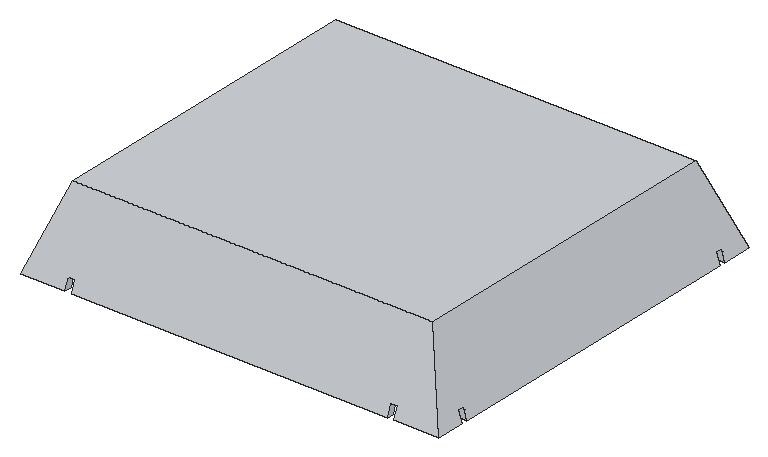
Revit family "E_FF130 Luminaire Cover", category Specialty Equipment, Revit 2015
Parameters (values of type "600x600mm")
  Youtube Clip = "https://www.youtube.com/watch?v=58-V7SKWntQ"
  Width_Top = 670 mm
  Width_Bottom = 779 mm
  URL = "https://www.tenmat.com/passive-fire-protection/"
  Tenmat Item Number = "I130BM01550670073002"
  Material/Grade = "Firefly 130"
  Manufacturer = "Tenmat ltd"
  Length_Top = 610 mm
  Length_Bottom = 719 mm
  Height = 150 mm
  Description = "FF130 600x600mm Luminaire Cover"
  Cutouts_Width = 600 mm
  Cutouts_Length = 600 mm
Types (2, lengths in mm): name | Width_Top | Width_Bottom | Tenmat Item Number | Length_Top | Length_Bottom | Description | Cutouts_Width
  600x600mm | 670 | 779 | "I130BM01550670073002" | 610 | 719 | "FF130 600x600mm Luminaire Cover" | 600
  1200x600mm | 1260 | 1386 | "I130BM01400750138002" | 650 | 746 | "FF130 1200x600mm Luminaire Cover" | 1200
Reference planes
  plane 1 "Center (Front/Back)": y = 0
  plane 2: z = 0
  plane 3 "Center (Left/Right)": x = 0
  plane 4 "Height": z = 150
  plane 5 "Cutout top": z = 138
  plane 6: x = -389.5
  plane 7: x = 389.5
  plane 8: y = 359.5
  plane 9: y = -359.5
  plane 10: x = -335
  plane 11: x = 335
  plane 12: y = 305
  plane 13: y = -305
  plane 14: x = -300
  plane 15: x = 300
  plane 16: y = 300
  plane 17: y = -300
  plane 18: x = -294
  plane 19: x = 294
  plane 20: x = -294
  plane 21: x = 294
  plane 22: y = 306
  plane 23: y = -306
  plane 24: y = 201.311
  plane 25: y = -306
  plane 26: y = 400
  plane 27: y = -400
  plane 28: x = 450
  plane 29: x = -450
  plane 30: x = -335
  plane 31: x = 335
  plane 32: y = 305
  plane 33: y = -305
  plane 34: x = -389.5
  plane 35: x = 389.5
  plane 36: y = 359.5
  plane 37: y = -359.5
  plane 38: y = 347.5
  plane 39: x = -377.909
  plane 40: x = 377.909
  plane 41: y = -347.5
  plane 42: x = 323
  plane 43: x = -323
  plane 44: y = 293
  plane 45: y = -293
Forms (mm)
  Blend 1, solid
    base sketch origin (0, 0, 0) x (1, 0, 0) y (0, 1, 0)
      loop
        line (-389.5, 359.5) -> (-389.5, -359.5) -> (389.5, -359.5) -> (389.5, 359.5) -> (-389.5, 359.5)
    top sketch origin (0, 0, 150) x (0, 1, 0) y (-1, 0, 0)
      loop
        line (305, 335) -> (-305, 335) -> (-305, -335) -> (305, -335) -> (305, 335)
    from 0 to 0
  Extrusion 2, void
    sketch origin (0, 0, 0) x (1, 0, 0) y (0, 1, 0)
      loop
        line (-306, 400) -> (-306, 300) -> (-294, 300) -> (-294, 400) -> (-306, 400)
    from -10 to 20
  Extrusion 3, void
    sketch origin (0, 0, 0) x (-1, 0, 0) y (0, -1, 0)
      loop
        line (-306, -440) -> (-294, -440) -> (-294, -300) -> (-306, -300) -> (-306, -440)
    from -10 to 20
  Extrusion 4, void
    sketch origin (0, 0, 0) x (1, 0, 0) y (0, 1, 0)
      loop
        line (-306, -400) -> (-294, -400) -> (-294, -300) -> (-306, -300) -> (-306, -400)
    from -10 to 20
  Extrusion 5, void
    sketch origin (0, 0, 0) x (-1, 0, 0) y (0, -1, 0)
      loop
        line (-306, 400) -> (-306, 300) -> (-294, 300) -> (-294, 400) -> (-306, 400)
    from -10 to 20
  Extrusion 6, void
    sketch origin (107.714, 495.311, 0) x (0, 1, 0) y (-1, 0, 0)
      loop
        line (-201.311, -342.286) -> (-189.311, -342.286) -> (-189.311, -192.286) -> (-201.311, -192.286) -> (-201.311, -342.286)
    from -10 to 20
  Extrusion 7, void
    sketch origin (107.714, -495.311, 0) x (0, -1, 0) y (1, 0, 0)
      loop
        line (-201.311, 342.286) -> (-201.311, 192.286) -> (-189.311, 192.286) -> (-189.311, 342.286) -> (-201.311, 342.286)
    from -10 to 20
  Extrusion 8, void
    sketch origin (-107.714, 495.311, 0) x (0, 1, 0) y (-1, 0, 0)
      loop
        line (-201.311, 342.286) -> (-201.311, 192.286) -> (-189.311, 192.286) -> (-189.311, 342.286) -> (-201.311, 342.286)
    from -10 to 20
  Extrusion 9, void
    sketch origin (-107.714, -495.311, 0) x (0, -1, 0) y (1, 0, 0)
      loop
        line (-201.311, -342.286) -> (-189.311, -342.286) -> (-189.311, -192.286) -> (-201.311, -192.286) -> (-201.311, -342.286)
    from -10 to 20
  Blend 10, void
    base sketch origin (0, 0, 0) x (1, 0, 0) y (0, 1, 0)
      loop
        line (-377.909, 347.5) -> (-377.909, -347.5) -> (377.909, -347.5) -> (377.909, 347.5) -> (-377.909, 347.5)
    top sketch origin (0, 0, 138) x (0, 1, 0) y (-1, 0, 0)
      loop
        line (293, 323) -> (-293, 323) -> (-293, -323) -> (293, -323) -> (293, 323)
    from 0 to 0
Cuts and joins
  Extrusion 2, Extrusion 3, Extrusion 4, Extrusion 5, Extrusion 6, Extrusion 7, Extrusion 8, Extrusion 9, Blend 10 cuts Blend 1
Dimensions and locks
  equal spacing: plane 6, plane 3 "Center (Left/Right)", plane 7
  equal spacing: plane 8, plane 1 "Center (Front/Back)", plane 9
  "Width_Bottom": plane 6 to plane 7
  "Length_Bottom": plane 8 to plane 9
  equal spacing: plane 10, plane 3 "Center (Left/Right)", plane 11
  "Width_Top": plane 10 to plane 11
  equal spacing: plane 12, plane 1 "Center (Front/Back)", plane 13
  "Length_Top": plane 12 to plane 13
  "Height": plane 4 "Height" to plane 2
  plane 14 to plane 18 = 6 mm
  plane 15 to plane 19 = 6 mm
  equal spacing: plane 14, plane 3 "Center (Left/Right)", plane 15
  plane 14 to plane 20 = 6 mm
  plane 15 to plane 21 = 6 mm
  "Cutouts_Width": plane 14 to plane 15
  plane 22 to plane 16 = 6 mm
  equal spacing: plane 16, plane 1 "Center (Front/Back)", plane 17
  "Cutouts_Length": plane 16 to plane 17
  plane 23 to plane 17 = 6 mm
  plane 25 to plane 17 = 6 mm
  plane 26 to plane 16 = 100 mm
  plane 27 to plane 17 = 100 mm
  plane 15 to plane 28 = 150 mm
  plane 29 to plane 14 = 150 mm
  plane 4 "Height" to plane 5 "Cutout top" = 12 mm  (x2)
  equal spacing: plane 37, plane 1 "Center (Front/Back)", plane 36
  "Length_Bottom": plane 37 to plane 36
  equal spacing: plane 34, plane 3 "Center (Left/Right)", plane 35
  "Width_Bottom": plane 34 to plane 35
  plane 36 to plane 38 = 12 mm
  plane 34 to plane 39 = 11.591 mm
  plane 40 to plane 35 = 11.591 mm
  plane 37 to plane 41 = 12 mm
  equal spacing: plane 30, plane 3 "Center (Left/Right)", plane 31
  "Width_Top": plane 30 to plane 31
  equal spacing: plane 32, plane 1 "Center (Front/Back)", plane 33
  "Length_Top": plane 32 to plane 33
  plane 45 to plane 33 = 12 mm
  plane 32 to plane 44 = 12 mm
  plane 30 to plane 43 = 12 mm
  plane 42 to plane 31 = 12 mm
  aligned and locked: level to plane 2
  aligned and locked: plane 6 to Blend 1 sketch curve
  aligned and locked: Blend 1 sketch curve to plane 8
  aligned and locked: plane 7 to Blend 1 sketch curve
  aligned and locked: Blend 1 sketch curve to plane 9
  aligned and locked: Blend 1 sketch curve to plane 12
  aligned and locked: Blend 1 sketch curve to plane 11
  aligned and locked: plane 10 to Blend 1 sketch curve
  aligned and locked: plane 13 to Blend 1 sketch curve
  aligned and locked: Extrusion 2 to plane 18
  aligned and locked: plane 19 to Extrusion 3
  aligned and locked: plane 20 to Extrusion 4
  aligned and locked: Extrusion 5 to plane 21
  aligned and locked: plane 26 to Extrusion 2
  aligned and locked: Extrusion 2 to plane 16
  aligned and locked: Extrusion 4 to plane 17
  aligned and locked: Extrusion 5 to plane 17
  aligned and locked: plane 27 to Extrusion 4
  aligned and locked: plane 27 to Extrusion 5
  aligned and locked: plane 15 to Extrusion 7
  aligned and locked: plane 14 to Extrusion 9
  aligned and locked: plane 15 to Extrusion 6
  aligned and locked: plane 14 to Extrusion 8
  aligned and locked: Extrusion 8 to plane 29
  aligned and locked: Extrusion 6 to plane 28
  aligned and locked: Extrusion 9 to plane 29
  aligned and locked: Extrusion 7 to plane 28
  aligned and locked: plane 5 "Cutout top" to Blend 10
  aligned and locked: plane 39 to Blend 10 sketch curve
  aligned and locked: plane 40 to Blend 10 sketch curve
  aligned and locked: Blend 10 sketch curve to plane 38
  aligned and locked: Blend 10 sketch curve to plane 41
  aligned and locked: plane 45 to Blend 10 sketch curve
  aligned and locked: Blend 10 sketch curve to plane 42
  aligned and locked: Blend 10 sketch curve to plane 44
  aligned and locked: plane 43 to Blend 10 sketch curve
Automatic sketch dimensions
  Extrusion 2 sketch curve to plane 18 = 0 mm
  Extrusion 2 sketch curve to plane 14 = 6 mm
  Extrusion 2 sketch curve to plane 22 = 6 mm
  Extrusion 2 sketch curve to Extrusion 2 sketch curve = 100 mm
  Extrusion 3 sketch curve to plane 19 = 0 mm
  plane 15 to Extrusion 3 sketch curve = 6 mm
  plane 22 to Extrusion 3 sketch curve = 6 mm
  Extrusion 3 sketch curve to Extrusion 3 sketch curve = 140 mm
  Extrusion 4 sketch curve to plane 18 = 0 mm
  plane 14 to Extrusion 4 sketch curve = 6 mm
  plane 23 to Extrusion 4 sketch curve = 6 mm
  Extrusion 4 sketch curve to Extrusion 4 sketch curve = 100 mm
  Extrusion 5 sketch curve to plane 19 = 0 mm
  Extrusion 5 sketch curve to plane 15 = 6 mm
  Extrusion 5 sketch curve to plane 23 = 6 mm
  Extrusion 5 sketch curve to Extrusion 5 sketch curve = 100 mm
  Extrusion 6 sketch curve to plane 22 = 0 mm
  plane 16 to Extrusion 6 sketch curve = 6 mm
  plane 15 to Extrusion 6 sketch curve = 0 mm
  Extrusion 6 sketch curve to Extrusion 6 sketch curve = 150 mm
  Extrusion 7 sketch curve to plane 23 = 0 mm
  Extrusion 7 sketch curve to plane 17 = 6 mm
  Extrusion 7 sketch curve to plane 15 = 0 mm
  Extrusion 7 sketch curve to Extrusion 7 sketch curve = 150 mm
  Extrusion 8 sketch curve to plane 22 = 0 mm
  Extrusion 8 sketch curve to plane 16 = 6 mm
  Extrusion 8 sketch curve to plane 14 = 0 mm
  Extrusion 8 sketch curve to Extrusion 8 sketch curve = 150 mm
  Extrusion 9 sketch curve to plane 23 = 0 mm
  plane 17 to Extrusion 9 sketch curve = 6 mm
  plane 14 to Extrusion 9 sketch curve = 0 mm
  Extrusion 9 sketch curve to Extrusion 9 sketch curve = 150 mm
